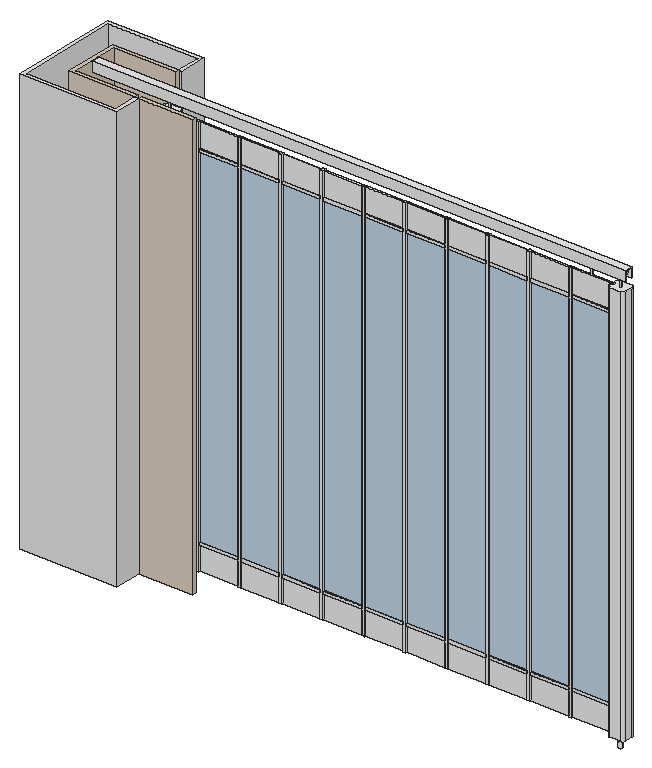
Revit family "Side_Folding_Door_9100-CHI-EL_Prestige", category Specialty Equipment, Revit 2026
Family settings
  Round Connector Dimension = Use Diameter
  Part Type = Normal
  Classification Number = 23.30.10.21
  Work Plane-Based = No
  Enable Cutting in Views = No
  Always vertical = Yes
  Cut with Voids When Loaded = No
  Maintain Annotation Orientation = No
  Shared = No
  Room Calculation Point = No
Parameters (values of type "EL - Prestige")
  Warranty URL = ""
  Version = "2021-v1.a"  # constant formula
  URL = "https://www.chiohd.com/"
  Support Phone = "(224) 699-9545"  # constant formula
  Support Email = "mailito:support@bimsmith.com"
  Product Page URL = "Contact Manufacturer for More Information"
  Product Documentation Link = "Contact Manufacturer for More Information"
  Pocket Length Disclaimer [instance] = "Contact Manufacturer for Pocket Dimensions"  # constant formula
  Pocket Frame Vis [instance] = yes
  Opening Width [instance] = if(C Condition A, C First Panel Width + 0' 3" + C Panel Width / 2, if(C Condition B, C Section Width + C Post Width + 0' 3" + C Panel Width / 2, if(C Condition C, 0' 3" + C Panel Width / 2 + C Section Width + C Post Width + C End Panel Width, if(C Condition D, C Section Width * 2 + C Post Width * 2 + 0' 3" + C Panel Width / 2, if(C Condition E, 0' 3" + C Panel Width / 2 + C Section Width * C Real Post Count + C Post Width * C Real Post Count + C End Panel Width, 4' 0")))))  # 6' - 7 1/4"
  C Single Section [instance] = or(C Condition A, C Condition B, C Condition C)  # yes
  C Single Post [instance] = or(C Condition B, C Condition C)  # yes
  C Section Width [instance] = if(Floor, rounddown(10' 0" / C Panel Width) * C Panel Width, rounddown(6' 0" / C Panel Width) * C Panel Width)  # 5' - 10"
  C Real Section Width [instance] = C Prelim Opening Width - 0' 3" - C Panel Width / 2  # 5' - 11 1/2"
  C Real Post Count [instance] = if(C Post Count < 2, 2, C Post Count)  # 2
  C Prelim Opening Width [instance] = if(Desired Opening Width < C Min Width, C Min Width, if(Desired Opening Width > C Max Width, C Max Width, Desired Opening Width))  # 6' - 6"
  Opening Speed [instance] = ""
  Model = "EL - Prestige"  # constant formula
  Manufacturer Phone Number = "800-738-5006"  # constant formula
  Manufacturer Fax Number = "800-677-2650"  # constant formula
  Manufacturer Email = "mailto:aia@chiohd.com"
  Manufacturer Address = "1485 Sunrise Drive, Arthur, IL 61911"  # constant formula
  Manufacturer = "C.H.I. Overhead Doors"  # constant formula
  Keynote = "08330"
  Glass = Glass - C.H.I Overhead Doors - Frosted
  Frame = Metal - Powder Coat - C.H.I Overhead Doors - White
  Floor = not(Counter)  # no
  Door Size Limits [instance] = "Min Size 6' x 6' │ Max Size 10' x 10'"  # constant formula
  Desired Opening Width [instance] = 6' - 6"
  Desired Opening Height [instance] = 6' - 0"
  Description = "Side-Folding Grille"  # constant formula
  Default Elevation = 0' - 0"
  Counter = yes
  Copyright = "©2024 C.H.I. Overhead Doors - a NUCOR® company All information presented is based on the specifications and features available at the time of printing and is subject to change without notice."  # constant formula
  Closing Speed [instance] = ""
  Opening Height [instance] = if(Desired Opening Height < C Min Height, C Min Height, if(Desired Opening Height > C Max Height, C Max Height, Desired Opening Height))  # 6' - 0"
  Constraints = 1
  C Track Width = 0' - 1 3/8"  # constant formula
  C Track Thickness = 0' - 0 1/8"  # constant formula
  C Track Height = 0' - 1 5/8"  # constant formula
  C Track Extension [instance] = if(Pocket Frame Vis, C Pocket Length - 0' 0 5/8" * 3 - 0' 4" + 0' 0 5/8", 0' 0")  # 0' - 11 1/8"
  C Top Gap = 0' - 1 1/2"  # constant formula
  C Post Width [instance] = 0' - 2 3/4"  # constant formula
  C Post Count [instance] = rounddown(C Real Section Width / (C Section Width + C Post Width))  # 0
  C Pocket Width = 0' - 8"  # constant formula
  C Pocket Length Preview [instance] = 0' 3" + 0.06 * Opening Width  # 0' - 7.755"
  C Pocket Length [instance] = 0' 4 5/8" + (if(C Pocket Length Preview < 0' 11 3/4", 0' 11 3/4", if(C Pocket Length Preview < 1' 4 1/4", 1' 4 1/4", if(C Pocket Length Preview < 1' 8 3/4", 1' 8 3/4", if(C Pocket Length Preview < 2' 1 3/4", 2' 1 3/4", if(C Pocket Length Preview < 2' 7 3/4", 2' 7 3/4", if(C Pocket Length Preview < 3' 0 3/4", 3' 0 3/4", if(C Pocket Length Preview < 3' 3 3/4", 3' 3 3/4", if(C Pocket Length Preview < 3' 6 3/4", 3' 6 3/4", if(C Pocket Length Preview < 4' 0 3/4", 4' 0 3/4", if(C Pocket Length Preview < 4' 3 3/4", 4' 3 3/4", if(C Pocket Length Preview < 4' 6 3/4", 4' 6 3/4", if(C Pocket Length Preview < 4' 10 3/4", 4' 10 3/4", if(C Pocket Length Preview < 5' 0 3/4", 5' 0 3/4", if(C Pocket Length Preview < 5' 4 3/4", 5' 4 3/4", if(C Pocket Length Preview < 5' 8 3/4", 5' 8 3/4", if(C Pocket Length Preview < 6' 0 3/4", 6' 0 3/4", 0' 11 3/4")))))))))))))))))  # 1' - 4 3/8"
  C Panel Width = 0' - 7"  # constant formula
  C Panel Height [instance] = Opening Height - C Bottom Offset - C Track Height - C Top Gap  # 5' - 8 1/8"
  C Multiple Section [instance] = or(C Condition D, C Condition E)  # no
  C Multiple Post [instance] = or(C Condition D, C Condition E)  # no
  C Min Width = C Panel Width * 3 + 0' 3" + C Panel Width / 2  # 2' - 3 1/2"
  C Min Height = 4' - 0"  # constant formula
  C Max Width = 25' - 0"  # constant formula
  C Max Height = 14' - 0"  # constant formula
  C Half Panel [instance] = C Panel Width / 2  # 0' - 3 1/2"
  C First Panel Width [instance] = if(C Condition A, rounddown((C Prelim Opening Width - 0' 3" - C Panel Width / 2) / C Panel Width) * C Panel Width, rounddown((C Section Width) / C Panel Width) * C Panel Width)  # 5' - 10"
  C End Panel Width Real [instance] = if(C End Panel Width < 0' 0", 0' 0", C End Panel Width)  # 0' - 0"
  C End Panel Width [instance] = if(rounddown((C Real Section Width - C Section Width - C Post Width) / C Panel Width) * C Panel Width = 0' 0", C Panel Width, if(C Multiple Section, rounddown((C Real Section Width - C Section Width * C Real Post Count - C Post Width * C Real Post Count) / C Panel Width) * C Panel Width, rounddown((C Real Section Width - C Section Width - C Post Width) / C Panel Width) * C Panel Width))  # -0' - 7"
  C End Panel [instance] = or(C Condition C, C Condition E)  # no
  C Condition E [instance] = or(C Real Section Width = C Section Width * 2 + C Post Width * 2 + C Panel Width, C Real Section Width > C Section Width * 2 + C Post Width * 2 + C Panel Width)  # no
  C Condition D [instance] = or(C Real Section Width = C Section Width * 2 + C Post Width * 2, and(C Real Section Width > C Section Width * 2 + C Post Width * 2, C Real Section Width < C Section Width * 2 + C Post Width * 2 + C Panel Width))  # no
  C Condition C [instance] = or(C Real Section Width = C Section Width * 2 + C Post Width, and(C Real Section Width > C Section Width + C Post Width, C Real Section Width < C Section Width * 2 + C Post Width))  # no
  C Condition B [instance] = or(C Real Section Width = C Section Width + C Post Width, and(C Real Section Width > C Section Width, C Real Section Width < C Section Width + C Post Width))  # yes
  C Condition A [instance] = or(C Real Section Width = C Section Width, C Real Section Width < C Section Width)  # no
  C Bottom Offset = if(Floor, 0' 1 1/4", 0' 0 3/4")  # 0' - 0 3/4"
  Assembly Code = "B2030420"
Reference planes (in)
  plane 1 "Center (Front/Back)": y = 0
  plane 2: z = 0
  plane 3 "Center (Left/Right)": x = 0
  plane 4: z = 72
  plane 5: x = 79.25
  plane 6: z = 0.75
  plane 7: z = 70.375
  plane 8: z = 68.875
  plane 9: x = 6.5
  plane 10: x = -11.125
  plane 11: x = 76.5
  plane 12: x = 79.25
  plane 13: x = 149.25
  plane 14: x = 3
Forms (in)
  Sweep 1, solid, material "Metal - Powder Coat - C.H.I Overhead Doors - White" <- "Frame"
    path origin (0, 0, 0) x (1, 0, 0) y (0, 0, 1)
      loop
        line (-11.125, 72) -> (79.25, 72)
    profile origin (34.0625, 0, 72) x (0, 0, 1) y (0, -1, 0)
      loop
        line (0, -0.6875) -> (0, 0.6875) -> (-1.625, 0.6875) -> (-1.625, 0.5625) -> (-0.125, 0.5625) -> (-0.125, -0.5625) -> (-1.625, -0.5625) -> (-1.625, -0.6875) -> (0, -0.6875)
Dimensions and locks (in)
  "Opening Width": plane 3 "Center (Left/Right)" to plane 5
  "Opening Height": plane 4 to level
  "C Bottom Offset": plane 6 to level
  "C Track Height": plane 4 to plane 7
  "C Top Gap": plane 7 to plane 8
  equal spacing: Sweep 1 sketch curve, profile plane, Sweep 1 sketch curve
  "C Track Width": Sweep 1 sketch curve to Sweep 1 sketch curve
  "C Track Thickness": Sweep 1 sketch curve to profile plane
  "C Track Thickness": Sweep 1 sketch curve to Sweep 1 sketch curve  (x2)
  "C Track Extension": plane 10 to plane 3 "Center (Left/Right)"
  "C First Panel Width": plane 11 to plane 9
  "C Post Width": plane 12 to plane 11
  group 1 to group 2 = 6' - 0 3/4"
  group 1 to group 2 = 0' - 0"  (x2)
  "C Section Width": plane 13 to plane 12
  group 3 to group 4 = 6' - 0 3/4"
  group 3 to group 4 = 0' - 0"  (x2)
  locked: plane 14 to plane 3 "Center (Left/Right)" at 3
  "C Half Panel": plane 9 to plane 14
  aligned and locked: plane 2 to level
  aligned and locked: Sweep 1 sketch curve to profile plane
  aligned and locked: Sweep 1 sketch curve to plane 7
  aligned and locked: nested 1 to plane 6
  aligned and locked: plane 1 "Center (Front/Back)" to nested 1
  aligned and locked: plane 3 "Center (Left/Right)" to nested 1
  aligned and locked: plane 5 to Sweep 1 sketch curve
  aligned and locked: plane 3 "Center (Left/Right)" to nested 2
  aligned and locked: plane 10 to Sweep 1 sketch curve
  aligned and locked: plane 8 to nested 3
  aligned and locked: plane 9 to nested 3
  aligned and locked: plane 1 "Center (Front/Back)" to nested 3
  aligned and locked: plane 1 "Center (Front/Back)" to nested 4
  aligned and locked: plane 11 to nested 4
  aligned and locked: nested 4 to plane 8
  aligned and locked: nested 5 to plane 8
  aligned and locked: plane 9 to nested 6
  aligned and locked: plane 12 to nested 7
  aligned and locked: plane 11 to nested 8
  aligned and locked: plane 13 to nested 9
  aligned and locked: plane 5 to nested 5
Automatic sketch dimensions
  Sweep 1 sketch curve to plane 4 = 0' - 0"
  Sweep 1 sketch curve to Sweep 1 sketch curve = 0' - 0"
Nested families (in)
  nested 1: "Nested - B" at (0, 0, 0.75), type "Default"
  nested 2: "Nested - Pocket" at (-16.375, 0, 0), visible <- "Pocket Frame Vis", type "Default"
    with Pocket Length 1' - 4 3/8", Overall Height 6' - 0"
  nested 3: "Nested - Section" at (6.5, 0, 0.75), Desired Complete Section <- "C First Panel Width", visible <- "C Single Section", type "Default"
    with Single Panel B End Rod no, Single D Panel no, Single C Panel no, Single B Panel no, Single A Panel End Rod no, Single A Panel no, Multiple Panel Last Section yes, Multiple B Panel yes, Multiple A Panel yes, First to Last Panel 5' - 3", End Panel Supports yes, End Panel Bottom no, Desired Complete Section 5' - 10", Complete Section 5' - 10", B Array Real 4, B Array 5, A Array Real 5, A Array 5
  nested 4: "Nested - Post" at (76.25, 0, 0.75), visible <- "C Single Post", type "Default"
  nested 5: "Nested - Section" at (79.25, 0, 0.75), visible <- "C End Panel", Desired Complete Section <- "C End Panel Width", type "Default"
    with Single Panel B End Rod no, Single D Panel no, Single C Panel no, Single B Panel no, Single A Panel End Rod yes, Single A Panel yes, Multiple Panel Last Section no, Multiple B Panel no, Multiple A Panel no, First to Last Panel 2' - 4", End Panel Supports no, End Panel Bottom yes, Desired Complete Section -0' - 7", Complete Section 0' - 0", B Array Real 2, B Array 2, A Array Real 2, A Array 2
  nested 6: "Nested - Section" at (6.5, 0, 0.75), Desired Complete Section <- "C Section Width", visible <- "C Multiple Section", type "Default"
    with Single Panel B End Rod no, Single D Panel no, Single C Panel no, Single B Panel no, Single A Panel End Rod no, Single A Panel no, Multiple Panel Last Section yes, Multiple B Panel yes, Multiple A Panel yes, First to Last Panel 5' - 3", End Panel Supports yes, End Panel Bottom no, Desired Complete Section 5' - 10", Complete Section 5' - 10", B Array Real 4, B Array 5, A Array Real 5, A Array 5
  nested 7: "Nested - Section" at (79.25, 0, 0.75), Desired Complete Section <- "C Section Width", visible <- "C Multiple Section", type "Default"
    with Single Panel B End Rod no, Single D Panel no, Single C Panel no, Single B Panel no, Single A Panel End Rod no, Single A Panel no, Multiple Panel Last Section yes, Multiple B Panel yes, Multiple A Panel yes, First to Last Panel 5' - 3", End Panel Supports yes, End Panel Bottom no, Desired Complete Section 5' - 10", Complete Section 5' - 10", B Array Real 4, B Array 5, A Array Real 5, A Array 5
  nested 8: "Nested - Post" at (76.25, 0, 0.75), visible <- "C Multiple Post", type "Default"
  nested 9: "Nested - Post" at (149, 0, 0.75), visible <- "C Multiple Post", type "Default"
Definition of nested family "Nested - B"
  Parameters (values of type "Default")
    Top Gap = 0' - 1 1/2"
    Side Frame Thickness = 0' - 0 1/2"  # constant formula
    Main Frame Thickness = 0' - 2 5/16"  # constant formula
    Panel Width = 0' - 7"  # constant formula
    Panel Height = 5' - 8 1/8"
    Horizontal Frame Offset = 0' - 4"  # constant formula
    Glass Thickness = 0' - 0 1/4"  # constant formula
    Glass = none
    Frame = none
    Floor = not(Counter)  # no
    Extra Panel Width = 0' - 3 1/2"
    Default Elevation = 0' - 0"
    Counter = yes
    Bottom Support Width = if(Floor, 0' 0 3/4", 0' 0 5/8")  # 0' - 0 5/8"
    Bottom Support Height = if(Floor, 0' 2 5/8", 0' 1")  # 0' - 1"
    Bottom Gap = 0' - 0 3/4"
  Reference planes (in)
    plane 1 "Center (Front/Back)": y = 0
    plane 2: z = 0
    plane 3 "Center (Left/Right)": x = 0
    plane 4: z = 68.125
    plane 5: x = 0.25
    plane 6: y = 1.15625
    plane 7: y = -1.15625
    plane 8: x = 3
    plane 9: x = 6.5
    plane 10: x = 6
    plane 11: z = 4
    plane 12: z = 64.125
    plane 13: z = 63.625
    plane 14: z = 4.5
    plane 15: y = 0.25
    plane 16: y = -0.25
    plane 17: y = 0.125
    plane 18: y = -0.125
    plane 19: z = 69.625
    plane 20: z = -0.75
    plane 21: z = -1.75
    plane 22: z = 71.125
    plane 23: z = 70.375
    plane 24: x = 1.625
    plane 25: x = 1.3125
    plane 26: x = 1.9375
    plane 27: x = 6.25
  Forms (in)
    Extrusion 1, solid, material <- "Frame"
      sketch origin (0, 0, 0) x (1, 0, 0) y (0, 1, 0)
        loop
          line (0.25, 0.67704) -> (0, 0.67704) -> (0, -0.67704) -> (0.25, -0.67704) -> (0.25, 0.67704)
      from 0 to 68.125
    Extrusion 2, solid, material <- "Frame"
      sketch origin (0, 0, 0) x (1, 0, 0) y (0, 1, 0)
        loop
          arc (0.73462, 1.15625) -> (0.39194, 1.01431) -> (0.25, 0.67163) r 0.48462
          line (0.25, 0.67163) -> (0.25, -0.67188)
          arc (0.25, -0.67188) -> (0.39187, -1.01438) -> (0.73438, -1.15625) r 0.48438
          line (0.73438, -1.15625) -> (2.51563, -1.15625)
          arc (2.51563, -1.15625) -> (2.85813, -1.01438) -> (3, -0.67188) r 0.48438
          line (3, -0.67188) -> (3, 0.67187)
          arc (3, 0.67187) -> (2.85813, 1.01438) -> (2.51563, 1.15625) r 0.48438
          line (2.51563, 1.15625) -> (0.73462, 1.15625)
      from 0 to 68.125
    Extrusion 3, solid, material <- "Frame"
      sketch origin (0, 0, 0) x (0, 1, 0) y (0, 0, 1)
        loop
          line (-0.25, 4.5) -> (-0.25, 4) -> (0.25, 4) -> (0.25, 4.5) -> (-0.25, 4.5)
        loop
          line (-0.25, 64.125) -> (-0.25, 63.625) -> (0.25, 63.625) -> (0.25, 64.125) -> (-0.25, 64.125)
      from 3 to 6.25
    Revolve 4, solid, material <- "Frame"
      sketch origin (-1.875, 0, 0) x (1, 0, 0) y (0, 0, 1)
        loop
          line (3.5, 71.12277) -> (3.5, 68.125) -> (3.625, 68.125) -> (3.625, 71.12277) -> (3.5, 71.12277)
        axis (3.5, 71.12277) -> (3.5, 68.125)
      angle from 0 to 360
    Extrusion 5, solid, material <- "Frame"
      sketch origin (-1.875, 0, 0) x (1, 0, 0) y (0, 0, 1)
        loop
          circle (3.5, 70.375) r 0.75
      from 0.5625 to 0.25
    Extrusion 6, solid, material <- "Frame"
      sketch origin (-1.875, 0, 0) x (1, 0, 0) y (0, 0, -1)
        loop
          circle (3.5, -70.375) r 0.75
      from 0.5625 to 0.25
    Extrusion 7, solid, material <- "Frame"
      sketch origin (-1.875, 0, 0) x (1, 0, 0) y (0, 0, 1)
        loop
          circle (3.5, 70.375) r 0.44182
      from -0.25 to 0.25
    Revolve 8, solid, material <- "Frame"
      sketch origin (-1.875, 0, 0) x (1, 0, 0) y (0, 0, 1)
        loop
          line (3.5, 0) -> (3.5, -1.75) -> (3.8125, -1.75) -> (3.8125, -0.75) -> (3.65321, -0.75) -> (3.65321, 0) -> (3.5, 0)
        axis (3.5, 0) -> (3.5, -1.75)
      angle from 0 to 360
    Extrusion 9, solid, material <- "Frame"
      sketch origin (0, 0, 0) x (1, 0, 0) y (0, 0, 1)
        loop
          line (3, 64.125) -> (6.25, 64.125) -> (6.25, 68.125) -> (3, 68.125) -> (3, 64.125)
        loop
          line (3, 4) -> (3, 0) -> (6.25, 0) -> (6.25, 4) -> (3, 4)
      from -0.125 to 0.125
    Extrusion 10, solid, material <- "Glass"
      sketch origin (0, 0, 0) x (1, 0, 0) y (0, 0, 1)
        loop
          line (6.25, 63.625) -> (3, 63.625) -> (3, 4.5) -> (6.25, 4.5) -> (6.25, 63.625)
      from -0.125 to 0.125
  Dimensions and locks (in)
    "Panel Height": plane 4 to level
    equal spacing: plane 6, plane 1 "Center (Front/Back)", plane 7
    "Main Frame Thickness": plane 6 to plane 7
    "Extra Panel Width": plane 8 to plane 9
    "Side Frame Thickness": plane 10 to plane 9
    "Horizontal Frame Offset": plane 11 to level
    "Side Frame Thickness": plane 14 to plane 11
    "Horizontal Frame Offset": plane 4 to plane 12
    "Side Frame Thickness": plane 12 to plane 13
    equal spacing: plane 15, plane 1 "Center (Front/Back)", plane 16
    "Side Frame Thickness": plane 16 to plane 15
    equal spacing: plane 18, plane 1 "Center (Front/Back)", plane 17
    "Glass Thickness": plane 18 to plane 17
    "Bottom Gap": level to plane 20
    "Top Gap": plane 19 to plane 4
    "Bottom Support Height": plane 20 to plane 21
    locked: plane 22 to plane 19 at 1.5
    equal spacing: plane 22, plane 23, plane 19
    equal spacing: plane 8, plane 24, plane 5
    plane 26 to plane 25 = 0' - 0 5/8"  (x2)
    "Bottom Support Width": plane 26 to plane 25
    equal spacing: plane 26, plane 24, plane 25
    equal spacing: plane 9, plane 27, plane 10
    aligned and locked: plane 2 to level
    aligned and locked: Extrusion 2 sketch curve to plane 6
    aligned and locked: plane 5 to Extrusion 2 sketch curve
    aligned and locked: plane 7 to Extrusion 2 sketch curve
    aligned and locked: Extrusion 2 sketch curve to plane 8
    aligned and locked: plane 4 to Extrusion 2
    aligned and locked: Extrusion 2 to level
    aligned and locked: plane 4 to Extrusion 1
    aligned and locked: Extrusion 3 sketch curve to plane 14
    aligned and locked: plane 16 to Extrusion 3 sketch curve  (x2)
    aligned and locked: Extrusion 3 sketch curve to plane 11
    aligned and locked: plane 15 to Extrusion 3 sketch curve  (x2)
    aligned and locked: Extrusion 3 sketch curve to plane 12
    aligned and locked: plane 13 to Extrusion 3 sketch curve
    aligned and locked: Extrusion 3 to plane 8
    aligned and locked: Revolve 4 sketch curve to plane 24
    aligned and locked: plane 23 to Extrusion 7 sketch curve
    aligned and locked: plane 24 to Extrusion 7 sketch curve
    aligned and locked: plane 23 to Extrusion 5 sketch curve
    aligned and locked: plane 24 to Extrusion 5 sketch curve
    aligned and locked: plane 23 to Extrusion 6 sketch curve
    aligned and locked: plane 24 to Extrusion 6 sketch curve
    aligned and locked: plane 26 to Revolve 8 sketch curve
    aligned and locked: Revolve 8 sketch curve to plane 24
    aligned and locked: plane 2 to Revolve 8 sketch curve
    aligned and locked: plane 21 to Revolve 8 sketch curve
    aligned and locked: Revolve 8 sketch curve to plane 20
    aligned and locked: plane 27 to Extrusion 3
    aligned and locked: plane 8 to Extrusion 9 sketch curve
    aligned and locked: plane 2 to Extrusion 9 sketch curve
    aligned and locked: Extrusion 9 sketch curve to plane 27
    aligned and locked: plane 11 to Extrusion 9 sketch curve
    aligned and locked: plane 4 to Extrusion 9 sketch curve
    aligned and locked: plane 27 to Extrusion 9 sketch curve
    aligned and locked: Extrusion 9 sketch curve to plane 12
    aligned and locked: Extrusion 9 sketch curve to plane 8
    aligned and locked: Extrusion 9 to plane 17
    aligned and locked: plane 18 to Extrusion 9
    aligned and locked: plane 13 to Extrusion 10 sketch curve
    aligned and locked: plane 27 to Extrusion 10 sketch curve
    aligned and locked: Extrusion 10 sketch curve to plane 8
    aligned and locked: Extrusion 10 sketch curve to plane 14
    aligned and locked: Extrusion 10 to plane 17
    aligned and locked: plane 18 to Extrusion 10
  Automatic sketch dimensions
    Extrusion 1 sketch curve to plane 3 "Center (Left/Right)" = 0' - 0"
    Extrusion 1 sketch curve to plane 5 = 0' - 0"
    Extrusion 1 sketch curve to plane 6 = 0' - 0.47921"
    plane 7 to Extrusion 1 sketch curve = 0' - 0.47921"
    plane 5 to Extrusion 2 sketch curve = 0' - 0 31/64"
    Extrusion 2 sketch curve to Extrusion 2 sketch curve = 0' - 0.48462"
    Extrusion 2 sketch curve to plane 8 = 0' - 0 31/64"  (x2)
    Revolve 4 sketch curve to plane 24 = 0' - 0"
    Revolve 4 sketch curve to plane 4 = 0' - 0"
    plane 22 to Revolve 4 sketch curve = 0' - 0.00223"
    plane 24 to Revolve 4 sketch curve = 0' - 0 1/8"
    Revolve 4 sketch curve to plane 4 = 0' - 1.33257"
    Revolve 4 sketch curve to plane 22 = 0' - 0.11711"
    Revolve 8 sketch curve to plane 24 = 0' - 0"
    plane 24 to Revolve 8 sketch curve = 0' - 0.15321"
    Revolve 8 sketch curve to plane 21 = 0' - 3.32416"
    level to Revolve 8 sketch curve = 0' - 1 1/4"
    radius of Extrusion 5 sketch curve = 0' - 0 3/4"
    radius of Extrusion 6 sketch curve = 0' - 0 3/4"
    radius of Extrusion 7 sketch curve = 0' - 0.44182"
Definition of nested family "Nested - Pocket"
  Parameters (values of type "Family2")
    Side Thickness = 0' - 4"  # constant formula
    Pocket Width = 0' - 8"  # constant formula
    Pocket Length = 2' - 4"
    Plywood Thickness = 0' - 0 5/8"  # constant formula
    Plywood = none
    Overall Height = 5' - 0"
    Gypsum Thickness = 0' - 0 5/8"  # constant formula
    Gypsum = none
    Default Elevation = 0' - 0"
  Reference planes (in)
    plane 1 "Center (Front/Back)": y = 0
    plane 2: z = 0
    plane 3 "Center (Left/Right)": x = 0
    plane 4: y = 8.625
    plane 5: y = -8.625
    plane 6: y = -4
    plane 7: y = 4
    plane 8: y = 4.625
    plane 9: y = -4.625
    plane 10: y = 9.25
    plane 11: y = -9.25
    plane 12: x = 0.625
    plane 13: x = 4.625
    plane 14: x = 5.25
    plane 15: x = 28
    plane 16: x = 27.375
    plane 17: z = 60
  Forms (in)
    Extrusion 1, solid, material <- "Gypsum"
      sketch origin (0, 0, 0) x (1, 0, 0) y (0, 1, 0)
        loop
          line (0, 9.25) -> (0, -9.25) -> (28, -9.25) -> (28, -4.625) -> (27.375, -4.625) -> (27.375, -8.625) -> (0.625, -8.625) -> (0.625, 8.625) -> (27.375, 8.625) -> (27.375, 4.625) -> (28, 4.625) -> (28, 9.25) -> (0, 9.25)
      from 0 to 60
    Extrusion 2, solid, material <- "Plywood"
      sketch origin (0, 0, 0) x (1, 0, 0) y (0, 1, 0)
        loop
          line (27.375, 4.625) -> (4.625, 4.625) -> (4.625, -4.625) -> (27.375, -4.625) -> (27.375, -4) -> (5.25, -4) -> (5.25, 4) -> (27.375, 4) -> (27.375, 4.625)
      from 0 to 60
    Extrusion 3, solid, material <- "Plywood"
      sketch origin (0, 0, 0) x (1, 0, 0) y (0, 1, 0)
        loop
          line (37.25, -4) -> (28, -4) -> (28, -4.625) -> (37.25, -4.625) -> (37.25, -4)
      from 0 to 60
  Dimensions and locks (in)
    equal spacing: plane 7, plane 1 "Center (Front/Back)", plane 6
    "Pocket Width": plane 7 to plane 6
    "Plywood Thickness": plane 8 to plane 7
    "Plywood Thickness": plane 6 to plane 9
    "Side Thickness": plane 4 to plane 8
    "Side Thickness": plane 9 to plane 5
    "Gypsum Thickness": plane 10 to plane 4
    "Gypsum Thickness": plane 11 to plane 5
    "Gypsum Thickness": plane 3 "Center (Left/Right)" to plane 12
    "Side Thickness": plane 12 to plane 13
    "Plywood Thickness": plane 13 to plane 14
    "Pocket Length": plane 3 "Center (Left/Right)" to plane 15
    "Gypsum Thickness": plane 16 to plane 15
    locked: plane 15 to Extrusion 3 at 9.25
    "Overall Height": plane 17 to plane 2
    plane 3 "Center (Left/Right)" to Extrusion 1 = 2' - 4"
    aligned and locked: plane 2 to level
    aligned and locked: Extrusion 1 sketch curve to plane 15  (x2)
    aligned and locked: plane 16 to Extrusion 1 sketch curve
    aligned and locked: plane 5 to Extrusion 1 sketch curve
    aligned and locked: plane 4 to Extrusion 1 sketch curve
    aligned and locked: Extrusion 1 sketch curve to plane 12
    aligned and locked: Extrusion 2 sketch curve to plane 8
    aligned and locked: plane 7 to Extrusion 2 sketch curve
    aligned and locked: Extrusion 2 sketch curve to plane 6
    aligned and locked: plane 9 to Extrusion 2 sketch curve
    aligned and locked: Extrusion 2 sketch curve to plane 14
    aligned and locked: plane 13 to Extrusion 2 sketch curve
    aligned and locked: Extrusion 2 sketch curve to plane 16  (x2)
    aligned and locked: Extrusion 1 sketch curve to plane 9
    aligned and locked: plane 8 to Extrusion 1 sketch curve
    aligned and locked: Extrusion 3 to plane 15
    aligned and locked: plane 6 to Extrusion 3
    aligned and locked: Extrusion 3 to plane 9
    aligned and locked: plane 17 to Extrusion 1
    aligned and locked: Extrusion 1 to Extrusion 2
    aligned and locked: Extrusion 3 to Extrusion 1
  Automatic sketch dimensions
    Extrusion 1 sketch curve to plane 3 "Center (Left/Right)" = 0' - 0"
    Extrusion 1 sketch curve to plane 16 = 0' - 0"
    Extrusion 1 sketch curve to plane 11 = 0' - 0"
    Extrusion 1 sketch curve to plane 10 = 0' - 0"
    Extrusion 3 sketch curve to plane 6 = 0' - 0"
    Extrusion 3 sketch curve to plane 15 = 0' - 0"
    plane 9 to Extrusion 3 sketch curve = 0' - 0"
    Extrusion 3 sketch curve to Extrusion 3 sketch curve = 0' - 9 1/4"
Definition of nested family "Nested - Section"
  Parameters (values of type "Default")
    Top Gap = 0' - 1 1/2"
    Single Panel B End Rod [instance] = if(or(and(Complete Section > 2 * Panel Width, Complete Section < 3 * Panel Width), Complete Section = 2 * Panel Width), 1 = 1, 1 = 0)  # no
    Single D Panel [instance] = and(Complete Section > 3 * Panel Width, Complete Section < 5 * Panel Width)  # no
    Single C Panel [instance] = and(Complete Section > 2 * Panel Width, Complete Section < 4 * Panel Width)  # no
    Single B Panel [instance] = or(Complete Section = 2 * Panel Width, and(Complete Section > 2 * Panel Width, or(Complete Section = 4 * Panel Width, Complete Section < 4 * Panel Width)))  # no
    Single A Panel End Rod [instance] = if(or(and(not(Multiple A Panel), not(Multiple B Panel), not(Single B Panel)), and(Complete Section > Panel Width, Complete Section < 2 * Panel Width), Complete Section = Panel Width), 1 = 1, 1 = 0)  # yes
    Single A Panel [instance] = or(and(Complete Section > 3 * Panel Width, Complete Section < 4 * Panel Width), Complete Section < Panel Width, Complete Section = Panel Width, and(Complete Section > Panel Width, Complete Section < 3.1 * Panel Width))  # yes
    Panel Width = 0' - 7"
    Panel Height = 5' - 8 1/8"
    Multiple Panel Last Section [instance] = and(not(or(Single C Panel, Single D Panel)), or(Complete Section = 4 * Panel Width, Complete Section > 4 * Panel Width))  # no
    Multiple B Panel [instance] = or(Complete Section = 5 * Panel Width, Complete Section > 5 * Panel Width)  # no
    Multiple A Panel [instance] = or(Complete Section = 4 * Panel Width, Complete Section > 4 * Panel Width)  # no
    Glass = none
    Frame = none
    First to Last Panel [instance] = A Array Real * Panel Width + B Array Real * Panel Width  # 2' - 4"
    End Panel Supports [instance] = not(End Panel Bottom)  # no
    End Panel Bottom [instance] = if(Single B Panel, 1 = 0, if(A Array Real > B Array Real, 1 = 0, 1 = 1))  # yes
    Desired Complete Section [instance] = 0' - 0"
    Default Elevation = 0' - 0"
    Counter = yes
    Complete Section [instance] = if(Desired Complete Section < 0' 0", 0' 0", Desired Complete Section)  # 0' - 0"
    Bottom Gap = 0' - 0 3/4"
    B Array Real [instance] = if(A Array - 1 < 2, 2, if(A Array Real = B Array, A Array - 1, A Array Real))  # 2
    B Array [instance] = if(Complete Section < Panel Width * 4, 2, rounddown((Complete Section - Panel Width * A Array) / Panel Width))  # 2
    A Array Real [instance] = if(A Array - 1 < 2, 2, if(A Array = B Array, A Array, A Array - 1))  # 2
    A Array [instance] = if(Complete Section < Panel Width * 3, 2, ((Complete Section / 2) / Panel Width))  # 2
  Reference planes (in)
    plane 1 "Center (Front/Back)": y = 0
    plane 2: z = 0
    plane 3 "Center (Left/Right)": x = 0
    plane 4: x = 7
    plane 5: x = 0
    plane 6: x = 14
    plane 7: x = 21
    plane 8: x = 28
    plane 9: x = 28
  Dimensions and locks (in)
    "Panel Width": plane 4 to plane 3 "Center (Left/Right)"
    "Complete Section": plane 5 to plane 3 "Center (Left/Right)"
    "Panel Width": plane 4 to plane 6
    "Panel Width": plane 6 to plane 7
    "Panel Width": plane 7 to plane 8
    group 1 to group 2 = 1' - 2"
    group 1 to group 2 = 0' - 0"  (x2)
    group 3 to group 4 = 1' - 2"
    group 3 to group 4 = 0' - 0"  (x2)
    "First to Last Panel": plane 9 to plane 3 "Center (Left/Right)"
    aligned and locked: plane 2 to level
    aligned and locked: plane 1 "Center (Front/Back)" to nested 1
    aligned and locked: plane 1 "Center (Front/Back)" to nested 2
    aligned and locked: plane 1 "Center (Front/Back)" to nested 4
    aligned and locked: plane 3 "Center (Left/Right)" to nested 2
    aligned and locked: plane 3 "Center (Left/Right)" to nested 1
    aligned and locked: plane 4 to nested 4
    aligned and locked: plane 4 to nested 3
    aligned and locked: plane 6 to nested 8
    aligned and locked: plane 6 to nested 5
    aligned and locked: plane 7 to nested 6
    aligned and locked: plane 7 to nested 9
    aligned and locked: plane 9 to nested 7
  Nested families (in)
    nested 1: "Nested - Panel" at (0, 0, 0), visible <- "Multiple A Panel", type "Nested - Panel"
      with Supports no, End Rod no
    nested 2: "Nested - Panel" at (0, 0, 0), visible <- "Single A Panel", End Rod <- "Single A Panel End Rod", type "Nested - Panel"
      with Supports no, End Rod yes
    nested 3: "Nested - Panel" at (7, 0, 0), visible <- "Multiple B Panel", type "Nested - Panel"
      with Supports no, End Rod no
    nested 4: "Nested - Panel" at (7, 0, 0), visible <- "Single B Panel", End Rod <- "Single Panel B End Rod", type "Nested - Panel"
      with Supports no, End Rod no
    nested 5: "Nested - Panel" at (14, 0, 0), visible <- "Multiple A Panel", type "Nested - Panel"
      with Supports no, End Rod no
    nested 6: "Nested - Panel" at (21, 0, 0), visible <- "Multiple B Panel", type "Nested - Panel"
      with Supports no, End Rod no
    nested 7: "Nested - Panel" at (28, 0, 0), visible <- "Multiple Panel Last Section", Supports <- "End Panel Supports", type "Nested - Panel"
      with Supports no, End Rod yes
    nested 8: "Nested - Panel" at (14, 0, 0), visible <- "Single C Panel", type "Nested - Panel"
      with Supports no, End Rod yes
    nested 9: "Nested - Panel" at (21, 0, 0), visible <- "Single D Panel", type "Nested - Panel"
      with End Rod yes
  Definition of nested family "Nested - Panel"
    Parameters (values of type "Nested - Panel")
      Top Gap = 0' - 1 1/2"
      Supports [instance] = yes
      Side Frame Thickness = 0' - 0 1/2"  # constant formula
      Panel Width = 0' - 7"
      Panel Height = 5' - 8 1/8"
      Horizontal Frame Offset = 0' - 4"  # constant formula
      Glass Thickness = 0' - 0 1/4"  # constant formula
      Glass = none
      Frame = none
      Floor = not(Counter)  # no
      End Rod [instance] = yes
      Default Elevation = 0' - 0"
      Counter = yes
      Bottom Support Width = if(Floor, 0' 0 3/4", 0' 0 5/8")  # 0' - 0 5/8"
      Bottom Support Height = if(Floor, 0' 2 5/8", 0' 1")  # 0' - 1"
      Bottom Gap = 0' - 0 3/4"
    Reference planes (in)
      plane 1 "Center (Front/Back)": y = 0
      plane 2: z = 0
      plane 3 "Center (Left/Right)": x = 0
      plane 4: x = 7
      plane 5: z = 68.125
      plane 6: y = 0.25
      plane 7: y = -0.25
      plane 8: y = 0.125
      plane 9: y = -0.125
      plane 10: z = 64.125
      plane 11: z = 4
      plane 12: z = 4.5
      plane 13: z = 63.625
      plane 14: z = -0.75
      plane 15: z = -1.75
      plane 16: x = 3.5
      plane 17: z = 69.625
      plane 18: z = 71.125
      plane 19: z = 70.375
      plane 20: x = 3.1875
      plane 21: x = 3.8125
      plane 22: x = 0.25
      plane 23: x = 6.75
    Forms (in)
      Extrusion 1, solid, material <- "Frame"
        sketch origin (0, 0, 0) x (1, 0, 0) y (0, 1, 0)
          loop
            line (-0.25, 0.25) -> (-0.25, -0.25) -> (0.25, -0.25) -> (0.25, 0.25) -> (-0.25, 0.25)
        from 0 to 68.125
      Extrusion 2, solid, material <- "Frame"
        sketch origin (0, 0, 0) x (0, 1, 0) y (0, 0, 1)
          loop
            line (0.25, 4.5) -> (-0.25, 4.5) -> (-0.25, 4) -> (0.25, 4) -> (0.25, 4.5)
          loop
            line (0.25, 64.125) -> (-0.25, 64.125) -> (-0.25, 63.625) -> (0.25, 63.625) -> (0.25, 64.125)
        from 0.25 to 6.75
      Revolve 3, solid, material <- "Frame", not visible
        sketch origin (0, 0, 0) x (1, 0, 0) y (0, 0, 1)
          loop
            line (3.5, 0) -> (3.5, -1.75) -> (3.8125, -1.75) -> (3.8125, -0.75) -> (3.65321, -0.75) -> (3.65321, 0) -> (3.5, 0)
          axis (3.5, 0) -> (3.5, -1.75)
        angle from 0 to 360
      Revolve 4, solid, material <- "Frame", visible <- "Supports"
        sketch origin (0, 0, 0) x (1, 0, 0) y (0, 0, 1)
          loop
            line (3.5, 71.125) -> (3.5, 68.125) -> (3.625, 68.125) -> (3.625, 71.125) -> (3.5, 71.125)
          axis (3.5, 71.125) -> (3.5, 68.125)
        angle from 0 to 360
      Extrusion 5, solid, material <- "Frame", visible <- "Supports"
        sketch origin (0, 0, 0) x (1, 0, 0) y (0, 0, 1)
          loop
            circle (3.5, 70.375) r 0.75
        from 0.5625 to 0.25
      Extrusion 6, solid, material <- "Frame", visible <- "Supports"
        sketch origin (0, 0, 0) x (1, 0, 0) y (0, 0, -1)
          loop
            circle (3.5, -70.375) r 0.75
        from 0.5625 to 0.25
      Extrusion 7, solid, material <- "Frame", visible <- "Supports"
        sketch origin (0, 0, 0) x (1, 0, 0) y (0, 0, 1)
          loop
            circle (3.5, 70.375) r 0.44182
        from -0.25 to 0.25
      Extrusion 8, solid, material <- "Frame", visible <- "End Rod"
        sketch origin (7, 0, 0) x (1, 0, 0) y (0, 1, 0)
          loop
            line (-0.25, 0.25) -> (-0.25, -0.25) -> (0.25, -0.25) -> (0.25, 0.25) -> (-0.25, 0.25)
        from 0 to 68.125
      Extrusion 9, solid, material <- "Glass"
        sketch origin (0, 0, 0) x (1, 0, 0) y (0, 0, 1)
          loop
            line (6.75, 63.625) -> (0.25, 63.625) -> (0.25, 4.5) -> (6.75, 4.5) -> (6.75, 63.625)
        from -0.125 to 0.125
      Extrusion 10, solid, material <- "Frame"
        sketch origin (0, 0, 0) x (1, 0, 0) y (0, 0, 1)
          loop
            line (6.75, 68.125) -> (0.25, 68.125) -> (0.25, 64.125) -> (6.75, 64.125) -> (6.75, 68.125)
          loop
            line (6.75, 4) -> (0.25, 4) -> (0.25, 0) -> (6.75, 0) -> (6.75, 4)
        from -0.125 to 0.125
    Cuts and joins
      joined: Revolve 4, Extrusion 7
    Dimensions and locks (in)
      "Panel Width": plane 3 "Center (Left/Right)" to plane 4
      "Panel Height": plane 5 to level
      equal spacing: plane 6, plane 1 "Center (Front/Back)", plane 7
      "Side Frame Thickness": plane 6 to plane 7
      equal spacing: plane 8, plane 1 "Center (Front/Back)", plane 9
      "Glass Thickness": plane 8 to plane 9
      "Horizontal Frame Offset": plane 11 to level
      "Horizontal Frame Offset": plane 5 to plane 10
      "Side Frame Thickness": plane 10 to plane 13
      "Side Frame Thickness": plane 12 to plane 11
      "Bottom Gap": level to plane 14
      "Bottom Support Height": plane 14 to plane 15
      equal spacing: plane 4, plane 16, plane 3 "Center (Left/Right)"
      "Top Gap": plane 17 to plane 5
      locked: plane 18 to plane 17 at 1.5
      equal spacing: plane 18, plane 19, plane 17
      equal spacing: plane 21, plane 16, plane 20
      "Bottom Support Width": plane 21 to plane 20
      equal spacing: Extrusion 1 sketch curve, plane 3 "Center (Left/Right)", Extrusion 1 sketch curve
      "Side Frame Thickness": Extrusion 1 sketch curve to Extrusion 1 sketch curve
      equal spacing: Extrusion 8 sketch curve, plane 4, Extrusion 8 sketch curve
      "Side Frame Thickness": Extrusion 8 sketch curve to Extrusion 8 sketch curve
      locked: plane 3 "Center (Left/Right)" to plane 22 at 0.25
      locked: plane 4 to plane 23 at 0.25
      aligned and locked: plane 2 to level
      aligned and locked: Extrusion 1 sketch curve to plane 6
      aligned and locked: plane 7 to Extrusion 1 sketch curve
      aligned and locked: Extrusion 1 to level
      aligned and locked: plane 5 to Extrusion 1
      aligned and locked: plane 12 to Extrusion 2 sketch curve
      aligned and locked: plane 6 to Extrusion 2 sketch curve  (x2)
      aligned and locked: Extrusion 2 sketch curve to plane 11
      aligned and locked: Extrusion 2 sketch curve to plane 7  (x2)
      aligned and locked: Extrusion 2 sketch curve to plane 10
      aligned and locked: Extrusion 2 sketch curve to plane 13
      aligned and locked: plane 14 to Revolve 3 sketch curve
      aligned and locked: plane 15 to Revolve 3 sketch curve
      aligned and locked: level to Revolve 3 sketch curve
      aligned and locked: plane 16 to Revolve 4 sketch curve
      aligned and locked: plane 5 to Revolve 4 sketch curve
      aligned and locked: plane 19 to Extrusion 5 sketch curve
      aligned and locked: plane 16 to Extrusion 5 sketch curve
      aligned and locked: plane 7 to Extrusion 5
      aligned and locked: plane 16 to Extrusion 6 sketch curve
      aligned and locked: plane 19 to Extrusion 6 sketch curve
      aligned and locked: plane 18 to Revolve 4 sketch curve
      aligned and locked: plane 19 to Extrusion 7 sketch curve
      aligned and locked: plane 16 to Extrusion 7 sketch curve
      aligned and locked: plane 6 to Extrusion 7
      aligned and locked: Extrusion 7 to plane 7
      aligned and locked: plane 21 to Revolve 3 sketch curve
      aligned and locked: plane 5 to Extrusion 8
      aligned and locked: Extrusion 8 to level
      aligned and locked: Extrusion 1 to plane 2
      aligned and locked: Extrusion 2 to plane 22
      aligned and locked: plane 23 to Extrusion 2
      aligned and locked: plane 13 to Extrusion 9 sketch curve
      aligned and locked: plane 23 to Extrusion 9 sketch curve
      aligned and locked: Extrusion 9 sketch curve to plane 22
      aligned and locked: Extrusion 9 sketch curve to plane 12
      aligned and locked: plane 8 to Extrusion 9
      aligned and locked: Extrusion 9 to plane 9
      aligned and locked: plane 11 to Extrusion 10 sketch curve
      aligned and locked: Extrusion 10 sketch curve to plane 2
      aligned and locked: plane 23 to Extrusion 10 sketch curve  (x2)
      aligned and locked: Extrusion 10 sketch curve to plane 22  (x2)
      aligned and locked: plane 5 to Extrusion 10 sketch curve
      aligned and locked: plane 10 to Extrusion 10 sketch curve
      aligned and locked: plane 8 to Extrusion 10
      aligned and locked: Extrusion 10 to plane 9
    Automatic sketch dimensions
      plane 16 to Revolve 4 sketch curve = 0' - 0"
      Revolve 4 sketch curve to plane 16 = 0' - 0 1/8"
      Revolve 4 sketch curve to plane 5 = 0' - 1.33257"
      Revolve 4 sketch curve to Revolve 4 sketch curve = 0' - 0.11934"
      plane 16 to Revolve 3 sketch curve = 0' - 0"  (x2)
      Revolve 3 sketch curve to plane 16 = 0' - 0.15321"
      Revolve 3 sketch curve to plane 15 = 0' - 4.42018"
      level to Revolve 3 sketch curve = 0' - 1 1/4"
      Extrusion 8 sketch curve to plane 7 = 0' - 0"
      Extrusion 8 sketch curve to plane 6 = 0' - 0"
      radius of Extrusion 5 sketch curve = 0' - 0 3/4"
      radius of Extrusion 6 sketch curve = 0' - 0 3/4"
      radius of Extrusion 7 sketch curve = 0' - 0.44182"
Definition of nested family "Nested - Post"
  Parameters (values of type "Default")
    Top Gap = 0' - 1 1/2"
    Supports Separation = 1' - 0"  # constant formula
    Supports Count = ((Panel Height - Horizontal Frame Offset * 2) / Supports Separation) + 1  # 4
    Side Frame Thickness = 0' - 0 1/2"  # constant formula
    Panel Frame Height = 0' - 5 1/4"  # constant formula
    Main Frame Thickness = 0' - 2 5/16"  # constant formula
    Panel Width = 0' - 7"  # constant formula
    Panel Height = 5' - 8 1/8"
    Horizontal Frame Offset = 0' 11 7/8" + Panel Frame Height  # 1' - 5 1/8"
    Glass Thickness = 0' - 0 1/4"  # constant formula
    Frame = none
    Floor = not(Counter)  # no
    Extra Panel Width = 0' - 3"
    Default Elevation = 0' - 0"
    Counter = yes
    Bottom Support Width = if(Floor, 0' 0 3/4", 0' 0 5/8")  # 0' - 0 5/8"
    Bottom Support Height = if(Floor, 0' 2 5/8", 0' 1")  # 0' - 1"
    Bottom Gap = 0' - 0 3/4"
  Reference planes (in)
    plane 1 "Center (Front/Back)": y = 0
    plane 2: z = 0
    plane 3 "Center (Left/Right)": x = 0
    plane 4: z = 68.125
    plane 5: x = 0.25
    plane 6: y = 1.15625
    plane 7: y = -1.15625
    plane 8: x = 3
    plane 9: z = 17.125
    plane 10: y = 0.25
    plane 11: y = -0.25
    plane 12: y = 0.125
    plane 13: y = -0.125
    plane 14: z = 69.625
    plane 15: z = -0.75
    plane 16: z = -1.75
    plane 17: z = 71.125
    plane 18: z = 70.375
    plane 19: x = 1.625
    plane 20: x = 1.3125
    plane 21: x = 1.9375
    plane 22: z = 5.25
    plane 23: z = 29.125
  Forms (in)
    Extrusion 1, solid, material <- "Frame"
      sketch origin (0, 0, 0) x (1, 0, 0) y (0, 1, 0)
        loop
          arc (0.73462, 1.15625) -> (0.39194, 1.01431) -> (0.25, 0.67163) r 0.48462
          line (0.25, 0.67163) -> (0.25, -0.67188)
          arc (0.25, -0.67188) -> (0.39187, -1.01438) -> (0.73438, -1.15625) r 0.48438
          line (0.73438, -1.15625) -> (2.51563, -1.15625)
          arc (2.51563, -1.15625) -> (2.85813, -1.01438) -> (3, -0.67188) r 0.48438
          line (3, -0.67188) -> (3, 0.67187)
          arc (3, 0.67187) -> (2.85813, 1.01438) -> (2.51563, 1.15625) r 0.48438
          line (2.51563, 1.15625) -> (0.73462, 1.15625)
      from 0 to 68.125
    Revolve 2, solid, material <- "Frame"
      sketch origin (-1.875, 0, 0) x (1, 0, 0) y (0, 0, 1)
        loop
          line (3.5, 71.12277) -> (3.5, 68.125) -> (3.625, 68.125) -> (3.625, 71.12277) -> (3.5, 71.12277)
        axis (3.5, 71.12277) -> (3.5, 68.125)
      angle from 0 to 360
    Extrusion 3, solid, material <- "Frame"
      sketch origin (-1.875, 0, 0) x (1, 0, 0) y (0, 0, 1)
        loop
          circle (3.5, 70.375) r 0.75
      from 0.5625 to 0.25
    Extrusion 4, solid, material <- "Frame"
      sketch origin (-1.875, 0, 0) x (1, 0, 0) y (0, 0, -1)
        loop
          circle (3.5, -70.375) r 0.75
      from 0.5625 to 0.25
    Extrusion 5, solid, material <- "Frame"
      sketch origin (-1.875, 0, 0) x (1, 0, 0) y (0, 0, 1)
        loop
          circle (3.5, 70.375) r 0.44182
      from -0.25 to 0.25
    Revolve 6, solid, material <- "Frame"
      sketch origin (-1.875, 0, 0) x (1, 0, 0) y (0, 0, 1)
        loop
          line (3.5, 0) -> (3.5, -1.75) -> (3.8125, -1.75) -> (3.8125, -0.75) -> (3.65321, -0.75) -> (3.65321, 0) -> (3.5, 0)
        axis (3.5, 0) -> (3.5, -1.75)
      angle from 0 to 360
  Dimensions and locks (in)
    "Panel Height": plane 4 to level
    equal spacing: plane 6, plane 1 "Center (Front/Back)", plane 7
    "Main Frame Thickness": plane 6 to plane 7
    "Horizontal Frame Offset": plane 9 to level
    equal spacing: plane 10, plane 1 "Center (Front/Back)", plane 11
    "Side Frame Thickness": plane 11 to plane 10
    equal spacing: plane 13, plane 1 "Center (Front/Back)", plane 12
    "Glass Thickness": plane 13 to plane 12
    "Bottom Gap": level to plane 15
    "Top Gap": plane 14 to plane 4
    "Bottom Support Height": plane 15 to plane 16
    locked: plane 17 to plane 14 at 1.5
    equal spacing: plane 17, plane 18, plane 14
    equal spacing: plane 8, plane 19, plane 5
    plane 21 to plane 20 = 0' - 0 5/8"  (x2)
    "Bottom Support Width": plane 21 to plane 20
    equal spacing: plane 21, plane 19, plane 20
    "Panel Frame Height": plane 22 to level
    "Supports Separation": plane 23 to plane 9
    aligned and locked: plane 2 to level
    aligned and locked: Extrusion 1 sketch curve to plane 6
    aligned and locked: plane 5 to Extrusion 1 sketch curve
    aligned and locked: plane 7 to Extrusion 1 sketch curve
    aligned and locked: Extrusion 1 sketch curve to plane 8
    aligned and locked: plane 4 to Extrusion 1
    aligned and locked: Extrusion 1 to level
    aligned and locked: Revolve 2 sketch curve to plane 19
    aligned and locked: plane 18 to Extrusion 5 sketch curve
    aligned and locked: plane 19 to Extrusion 5 sketch curve
    aligned and locked: plane 18 to Extrusion 3 sketch curve
    aligned and locked: plane 19 to Extrusion 3 sketch curve
    aligned and locked: plane 18 to Extrusion 4 sketch curve
    aligned and locked: plane 19 to Extrusion 4 sketch curve
    aligned and locked: plane 21 to Revolve 6 sketch curve
    aligned and locked: Revolve 6 sketch curve to plane 19
    aligned and locked: plane 2 to Revolve 6 sketch curve
    aligned and locked: plane 16 to Revolve 6 sketch curve
    aligned and locked: Revolve 6 sketch curve to plane 15
  Automatic sketch dimensions
    plane 5 to Extrusion 1 sketch curve = 0' - 0 31/64"
    Extrusion 1 sketch curve to Extrusion 1 sketch curve = 0' - 0.48462"
    Extrusion 1 sketch curve to plane 8 = 0' - 0 31/64"  (x2)
    Revolve 2 sketch curve to plane 19 = 0' - 0"
    Revolve 2 sketch curve to plane 4 = 0' - 0"
    plane 17 to Revolve 2 sketch curve = 0' - 0.00223"
    plane 19 to Revolve 2 sketch curve = 0' - 0 1/8"
    Revolve 2 sketch curve to plane 4 = 0' - 1.33257"
    Revolve 2 sketch curve to plane 17 = 0' - 0.11711"
    Revolve 6 sketch curve to plane 19 = 0' - 0"
    plane 19 to Revolve 6 sketch curve = 0' - 0.15321"
    Revolve 6 sketch curve to plane 16 = 0' - 3.32416"
    level to Revolve 6 sketch curve = 0' - 0.85112"
    radius of Extrusion 3 sketch curve = 0' - 0 3/4"
    radius of Extrusion 4 sketch curve = 0' - 0 3/4"
    radius of Extrusion 5 sketch curve = 0' - 0.44182"
